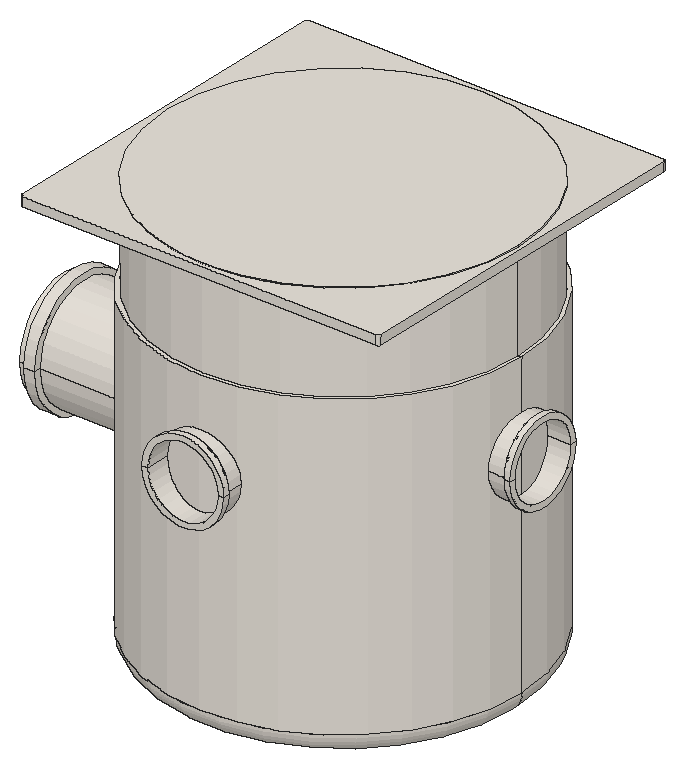
Revit family "Cx_Sif_Quadrada_3E_250x172x230x50x75", category Pipe Fittings, Revit 2025
Family settings
  Round Connector Dimension = Use Diameter
  Part Type = Multi Port
  OmniClass Number = 23.27.43.00
  Work Plane-Based = No
  Always vertical = Yes
  Cut with Voids When Loaded = No
  Shared = No
Parameters (values of type "Caixa Sif 250X172-230X50-75-Quadrada-3E")
  Ângulo do Grelha [instance] = 0.00°
  t2 [instance] = size_lookup("Caixa Sif 250X172-230X50-75 3E", "t2", 0 mm, Tank Depth Check)  # 4 mm
  t1 [instance] = size_lookup("Caixa Sif 250X172-230X50-75 3E", "t1", 0 mm, Tank Depth Check)  # 8 mm
  product_serie = "Esgoto"
  material = Amanco Esgoto Caixas e Ralos
  j1 [instance] = size_lookup("Caixa Sif 250X172-230X50-75 3E", "j1", 0 mm, Tank Depth Check)  # 6 mm
  Z3 [instance] = size_lookup("Caixa Sif 250X172-230X50-75 3E", "Z3", 0 mm, Tank Depth Check)  # 230 mm
  Z2 Variable-3 [instance] = Z2 Normal + if(and(Tipo de Caixa = [250X230X75 Redonda Grelha Branca], Diam IN 3 = 40 mm), 3 mm, 0 mm)  # 125 mm
  Z2 Variable-2 [instance] = Z2 Normal + if(and(Tipo de Caixa = [250X230X75 Redonda Grelha Branca], Diam IN 2 = 40 mm), 3 mm, 0 mm)  # 125 mm
  Z2 Normal [instance] = size_lookup("Caixa Sif 250X172-230X50-75 3E", "Z2", 0 mm, Tank Depth Check)  # 125 mm
  Z2 Variable-1 [instance] = Z2 Normal + if(and(Tipo de Caixa = [250X230X75 Redonda Grelha Branca], Diam IN 1 = 40 mm), 3 mm, 0 mm)  # 125 mm
  Z1 [instance] = size_lookup("Caixa Sif 250X172-230X50-75 3E", "Z1", 0 mm, Tank Depth Check)  # 155 mm
  Ws [instance] = size_lookup("Caixa Sif 250X172-230X50-75 3E", "Ws", 0 mm, Tank Depth Check)  # 100 mm
  Vis Prolongamento [instance] = and(Prolongamento, not(Altura do Grelha Check = P3 + 6.5 mm))  # yes
  Vis Adaptor 3 [instance] = and(Tipo de Caixa = [250X230X75 Redonda Grelha Branca], Diam IN 3 = 40 mm)  # no
  Vis Adaptor 2 [instance] = and(Tipo de Caixa = [250X230X75 Redonda Grelha Branca], Diam IN 2 = 40 mm)  # no
  Vis Adaptor 1 [instance] = and(Tipo de Caixa = [250X230X75 Redonda Grelha Branca], Diam IN 1 = 40 mm)  # no
  UniClass Version = 2015
  UniClass Title = "Unplasticized polyvinyl chloride (PVC-U) drainage pipe and fittings"
  UniClass Number = "65.52.63.87"
  URL = "https://www.wavin.com/pt-br/Catalogo/Predial/Sistemas-Sanitarios/Caixas"
  Type IFC Predefined Type = "CONNECTOR"
  Export Type to IFC As = "IfcPipeFitting"
  Default Elevation = 0 mm
  Type Comments = "Esgoto"  # constant formula
  TipodeAtivo = "Fixo"
  TempoUtil = 50
  Tank Depth Check [instance] = if(Tipo de Caixa = [250X172X50 Redonda Grelha Branca], 172 mm, if(Tipo de Caixa = [250X230X75 Redonda Grelha Branca], 230 mm, 0 mm))  # 230 mm
  Tamanho = "n/a"
  ResponsávelGarantiaTrabalho = "n/a"
  ResponsávelGarantiaPeças = "n/a"
  ReferenciadoModelo [instance] = Product Description  # "CAIXA SIF N73 QD 3 ENTR 250X230X75"
  Prolongamento [instance] = yes
  Produtor = "Amanco Wavin"
  OmniClass Version = 2012
  NumerodoModelo [instance] = Catalogue Code  # "12681"
  Norma [instance] = "NBR 8160/NBR 10844"  # constant formula
  Material = "PVC"
  Keynote = "15150"
  Grupo  Amanco [instance] = ""
  Forma = "n/a"
  DuraçaoUnidade = "Anos"
  DuraçaoGarantiaUnidade = "Anos"
  DuraçaoGarantiaTrabalho = "n/a"
  DuraçaoGarantiaPeças = "n/a"
  Do Extention [instance] = size_lookup("Amanco Caixas Extention", "Do1", 0 mm, Diam Extention) / 2  # 125 mm
  Diam IN Check [instance] = and(or(Diam IN 1 = 40 mm, Diam IN 1 = 50 mm), or(Diam IN 2 = 40 mm, Diam IN 2 = 50 mm), or(Diam IN 2 = 40 mm, Diam IN 2 = 50 mm))  # yes
  Diam IN 2 [instance] = 50 mm
  Diam IN 3 [instance] = 50 mm
  DescriçãoGarantia = "n/a"
  CriadoPela = "Wavin LATAM"
  CriadoEm = "2020-06-20"
  Cor = "Bege"
  Comprimento da Prolongamento [instance] = if(or(not(Prolongamento), Altura do Grelha < P3 + 6.5 mm + 1 mm), 0 mm, Altura do Grelha - 6.5 mm)  # 93.5 mm
  Componentes = "n/a"
  Classe = "n/a"
  Caracteristicas = "n/a"
  Altura do Grelha Check [instance] = if(or(Altura do Grelha < P3 + 6.5 mm + 1 mm, not(Prolongamento)), P3 + 6.5 mm, Altura do Grelha)  # 100 mm
  Acabamento = "n/a"
  250X230X75 Redonda Grelha Branca [instance] = Tipo de Caixa : 250X230X75 Redonda Grelha Branca
  250X172X50 Redonda Grelha Branca [instance] = Tipo de Caixa : 250X172X50 Redonda Grelha Branca
  Solids visible [instance] = yes
  SCB [instance] = 0  # constant formula
  Radius [instance] = 15 mm  # constant formula
  Product Description [instance] = if(CCB = 12681, "CAIXA SIF N73 QD 3 ENTR 250X230X75", if(CCB = 12684, "CAIXA SIF N72 QD 3 ENTR 250X172X50", "0"))  # "CAIXA SIF N73 QD 3 ENTR 250X230X75"
  Pos Out [instance] = 500 mm - (Ws - Hs)  # 462 mm
  Pid [instance] = 0
  P3 [instance] = size_lookup("Caixa Sif 250X172-230X50-75 3E", "P3", 0 mm, Tank Depth Check)  # 30 mm
  P2 [instance] = size_lookup("Caixa Sif 250X172-230X50-75 3E", "P2", 0 mm, Tank Depth Check)  # 18 mm
  P1 [instance] = size_lookup("Caixa Sif 250X172-230X50-75 3E", "P1", 0 mm, Tank Depth Check)  # 44 mm
  Model = ""
  Manufacturer = "Wavin"  # constant formula
  LOD = "LOD400"  # constant formula
  built-in parameter 1114238 [instance] = (empty or 0)
  IfcExportType = "CONNECTOR"  # constant formula
  IfcExportAs = "IfcPipeFitting"  # constant formula
  IfcDescription = Description  # "MULTIPORT"
  Hs-P3 [instance] = Hs - P3  # 32 mm
  Hs [instance] = size_lookup("Caixa Sif 250X172-230X50-75 3E", "Hs", 0 mm, Tank Depth Check)  # 62 mm
  Altura do Grelha [instance] = 100 mm
  Tipo de Caixa [instance] = Tipo de Caixa : 250X230X75 Redonda Grelha Branca
  Ds2 [instance] = size_lookup("Caixa Sif 250X172-230X50-75 3E", "Ds2", 0 mm, Tank Depth Check) / 2  # 25.35 mm
  Ds1 [instance] = size_lookup("Caixa Sif 250X172-230X50-75 3E", "Ds1", 0 mm, Tank Depth Check) / 2  # 38.35 mm
  Dr2 [instance] = size_lookup("Caixa Sif 250X172-230X50-75 3E", "Dr2", 0 mm, Tank Depth Check) / 2  # 29.35 mm
  Dr1 [instance] = size_lookup("Caixa Sif 250X172-230X50-75 3E", "Dr1", 0 mm, Tank Depth Check) / 2  # 44.2 mm
  Do3 [instance] = size_lookup("Caixa Sif 250X172-230X50-75 3E", "Do3", 0 mm, Tank Depth Check) / 2  # 128.1 mm
  Do2 [instance] = size_lookup("Caixa Sif 250X172-230X50-75 3E", "Do2", 0 mm, Tank Depth Check) / 2  # 27.15 mm
  Do1 [instance] = if(Diam IN Check, size_lookup("Caixa Sif 250X172-230X50-75 3E", "Do1", 0 mm, Tank Depth Check) / 2, 0 mm)  # 39.95 mm
  Diam OUT [instance] = if(Tipo de Caixa = [250X172X50 Redonda Grelha Branca], 50 mm, if(Tipo de Caixa = [250X230X75 Redonda Grelha Branca], 75 mm, 0 mm))  # 75 mm
  Diam IN 1 [instance] = 50 mm
  Diam Extention [instance] = 250 mm  # constant formula
  Description = "MULTIPORT"  # constant formula
  Country = "BRA"  # constant formula
  Catalogue Code 2 [instance] = "0"  # constant formula
  Catalogue Code [instance] = if(CCB = 12681, "12681", if(CCB = 12684, "12684", "0"))  # "12681"
  CCB [instance] = if(Tipo de Caixa = [250X230X75 Redonda Grelha Branca], 12681, if(Tipo de Caixa = [250X172X50 Redonda Grelha Branca], 12684, 0))  # 12681
  Assembly Code = "D2030100"
Reference planes
  plane 1 "Center (Front/Back)": y = 0
  plane 2: z = 0
  plane 3 "Center (Left/Right)": x = 0
  plane 4: z = 132
  plane 5: z = -500
  plane 6: z = -38
  plane 7: z = 32
  plane 8: z = 132
Forms (mm)
  Revolve 1, solid, material "Amanco Esgoto Caixas e Ralos" <- "material", detail levels fine
    sketch origin (0, 0, -38) x (-1, 0, 0) y (0, -1, 0)
      loop
        line (0, -39.95) -> (185, -39.95) -> (185, -44.2) -> (193, -44.2) -> (193, -39.95) -> (199, -39.95) -> (199, -38.35) -> (155, -38.35) -> (155, 0) -> (0, 0) -> (0, -39.95)
      axis (0, 0) -> (199, 0)
    angle from 0 to 360
  Revolve 2, solid, material "Amanco Esgoto Caixas e Ralos" <- "material", detail levels fine
    sketch origin (0, 125, 0) x (0, -1, 0) y (1, 0, 0)
      loop
        line (125, 0) -> (125, 27.15) -> (-11.8, 27.15) -> (-14, 29.35) -> (-18, 29.35) -> (-18, 25.35) -> (0, 25.35) -> (0, 0) -> (125, 0)
      axis (-18, 0) -> (125, 0)
    angle from 0 to 360
  Revolve 3, solid, material "Amanco Esgoto Caixas e Ralos" <- "material", detail levels fine
    sketch origin (0, 0, 0) x (1, 0, 0) y (0, 0, 1)
      loop
        line (-128.1, 62) -> (-128.1, -153)
        arc (-128.1, -153) -> (-123.707, -163.607) -> (-113.1, -168) r 15
        line (-113.1, -168) -> (0, -168) -> (0, 32) -> (-125, 32) -> (-125, 62) -> (-128.1, 62)
      axis (0, 62) -> (0, -168)
    angle from 0 to 360
  Revolve 4, solid, material "Amanco Esgoto Caixas e Ralos" <- "material", detail levels fine
    sketch origin (0, -125, 0) x (0, 1, 0) y (-1, 0, 0)
      loop
        line (125, 0) -> (125, 27.15) -> (-11.8, 27.15) -> (-14, 29.35) -> (-18, 29.35) -> (-18, 25.35) -> (0, 25.35) -> (0, 0) -> (125, 0)
      axis (-18, 0) -> (125, 0)
    angle from 0 to 360
  Revolve 5, solid, material "Amanco Esgoto Caixas e Ralos" <- "material", detail levels fine
    sketch origin (125, 0, 0) x (-1, 0, 0) y (0, -1, 0)
      loop
        line (125, 0) -> (125, 27.15) -> (-11.8, 27.15) -> (-14, 29.35) -> (-18, 29.35) -> (-18, 25.35) -> (0, 25.35) -> (0, 0) -> (125, 0)
      axis (-18, 0) -> (125, 0)
    angle from 0 to 360
Cuts and joins
  joined: Revolve 1, Revolve 2, Revolve 3, Revolve 4, Revolve 5
Lines and regions (mm)
  reference lines
    curve 1: line (0, 0, -38) -> (-155, 0, -38)
    curve 2: line (0, 125, 0) -> (0, 0, 0)
    curve 3: line (0, -125, 0) -> (0, 0, 0)
    curve 4: line (125, 0, 0) -> (0, 0, 0)
  model lines, detail levels coarse+medium
    curve 5: circle (0, 0, 0) r 120 normal (0, 0, 1)
    curve 6: line (-55.242, 106.529, 0) -> (-55.242, -106.529, 0)
    curve 7: line (-55.742, 106.268, 0) -> (-55.742, -106.268, 0)
    curve 8: line (-56.242, -106.004, 0) -> (-56.242, 106.004, 0)
    curve 9: line (-56.742, 105.737, 0) -> (-56.742, -105.737, 0)
    curve 10: line (-57.242, -105.467, 0) -> (-57.242, 105.467, 0)
    curve 11: line (-57.742, 105.195, 0) -> (-57.742, -105.195, 0)
    curve 12: line (-58.742, 104.639, 0) -> (-58.742, -104.639, 0)
    curve 13: line (-59.742, -104.072, 0) -> (-59.742, 104.072, 0)
    curve 14: line (-60.742, -103.491, 0) -> (-60.742, 103.491, 0)
    curve 15: line (-61.242, 103.196, 0) -> (-61.242, -103.196, 0)
    curve 16: line (-58.242, -104.919, 0) -> (-58.242, 104.919, 0)
    curve 17: line (-59.242, 104.357, 0) -> (-59.242, -104.357, 0)
    curve 18: line (-60.242, -103.783, 0) -> (-60.242, 103.783, 0)
    curve 19: line (-62.242, 102.596, 0) -> (-62.242, -102.596, 0)
    curve 20: line (-63.242, -101.983, 0) -> (-63.242, 101.983, 0)
    curve 21: line (-64.742, 101.037, 0) -> (-64.742, -101.037, 0)
    curve 22: line (-64.242, -101.356, 0) -> (-64.242, 101.356, 0)
    curve 23: line (-65.742, 100.389, 0) -> (-65.742, -100.389, 0)
    curve 24: line (-66.742, -99.727, 0) -> (-66.742, 99.727, 0)
    curve 25: line (-61.742, 102.898, 0) -> (-61.742, -102.898, 0)
    curve 26: line (-62.742, -102.291, 0) -> (-62.742, 102.291, 0)
    curve 27: line (-63.742, 101.671, 0) -> (-63.742, -101.671, 0)
    curve 28: line (-65.242, -100.715, 0) -> (-65.242, 100.715, 0)
    curve 29: line (-66.242, 100.06, 0) -> (-66.242, -100.06, 0)
    curve 30: line (-67.242, -99.391, 0) -> (-67.242, 99.391, 0)
    curve 31: line (-68.242, 98.707, 0) -> (-68.242, -98.707, 0)
    curve 32: line (-68.742, 98.359, 0) -> (-68.742, -98.359, 0)
    curve 33: line (-69.242, -98.008, 0) -> (-69.242, 98.008, 0)
    curve 34: line (-69.742, 97.653, 0) -> (-69.742, -97.653, 0)
    curve 35: line (-70.742, -96.931, 0) -> (-70.742, 96.931, 0)
    curve 36: line (-71.742, 96.193, 0) -> (-71.742, -96.193, 0)
    curve 37: line (-67.742, -99.051, 0) -> (-67.742, 99.051, 0)
    curve 38: line (-68.742, 98.359, 0) -> (-68.742, -87.512, 0)
    curve 39: line (-71.242, -96.564, 0) -> (-71.242, 96.564, 0)
    curve 40: line (-70.242, 97.294, 0) -> (-70.242, -97.294, 0)
    curve 41: line (-67.242, -99.391, 0) -> (-67.242, 99.391, 0)
    curve 42: line (-72.742, 95.439, 0) -> (-72.742, -95.439, 0)
    curve 43: line (-73.242, -95.056, 0) -> (-73.242, 95.056, 0)
    curve 44: line (-73.742, 94.669, 0) -> (-73.742, -94.669, 0)
    curve 45: line (-74.242, 94.277, 0) -> (-74.242, -94.277, 0)
    curve 46: line (-74.742, -93.881, 0) -> (-74.742, 93.881, 0)
    curve 47: line (-75.242, 93.481, 0) -> (-75.242, -93.481, 0)
    curve 48: line (-72.242, 95.818, 0) -> (-72.242, -95.818, 0)
    curve 49: line (-76.742, 92.253, 0) -> (-76.742, -92.253, 0)
    curve 50: line (-77.242, -91.835, 0) -> (-77.242, 91.835, 0)
    curve 51: line (-77.742, 91.412, 0) -> (-77.742, -91.412, 0)
    curve 52: line (-78.242, -90.985, 0) -> (-78.242, 90.985, 0)
    curve 53: line (-79.742, -89.673, 0) -> (-79.742, 89.673, 0)
    curve 54: line (-76.242, 92.667, 0) -> (-76.242, -92.667, 0)
    curve 55: line (-75.742, -93.076, 0) -> (-75.742, 93.076, 0)
    curve 56: line (-78.742, 90.552, 0) -> (-78.742, -87.036, 0)
    curve 57: line (-78.742, -90.552, 0) -> (-78.742, 90.552, 0)
    curve 58: line (-79.242, 90.115, 0) -> (-79.242, -90.115, 0)
    curve 59: line (-80.242, 89.226, 0) -> (-80.242, -89.226, 0)
    curve 60: line (-80.742, -88.774, 0) -> (-80.742, 88.774, 0)
    curve 61: line (-81.242, 88.316, 0) -> (-81.242, -88.316, 0)
    curve 62: line (-81.742, -87.854, 0) -> (-81.742, 87.854, 0)
    curve 63: line (-82.242, 87.386, 0) -> (-82.242, -87.386, 0)
    curve 64: line (-82.742, -86.913, 0) -> (-82.742, 86.913, 0)
    curve 65: line (-83.242, 86.434, 0) -> (-83.242, -86.434, 0)
    curve 66: line (-83.742, -85.949, 0) -> (-83.742, 85.949, 0)
    curve 67: line (-85.264, 84.44, 0) -> (-85.264, -84.44, 0)
    curve 68: line (-85.764, -83.932, 0) -> (-85.764, 83.932, 0)
    curve 69: line (-86.264, 83.418, 0) -> (-86.264, -83.418, 0)
    curve 70: line (-86.764, -82.898, 0) -> (-86.764, 82.898, 0)
    curve 71: line (-88.264, -81.299, 0) -> (-88.264, 81.299, 0)
    curve 72: line (-84.764, 84.942, 0) -> (-84.764, -84.942, 0)
    curve 73: line (-84.264, -85.466, 0) -> (-84.264, 85.438, 0)
    curve 74: line (-87.264, 82.371, 0) -> (-87.264, -79.426, 0)
    curve 75: line (-87.264, -82.371, 0) -> (-87.264, 82.371, 0)
    curve 76: line (-87.764, 81.838, 0) -> (-87.764, -81.838, 0)
    curve 77: line (-88.764, 80.753, 0) -> (-88.764, -80.753, 0)
    curve 78: line (-89.264, -80.2, 0) -> (-89.264, 80.2, 0)
    curve 79: line (-89.764, 79.64, 0) -> (-89.764, -79.64, 0)
    curve 80: line (-90.264, -79.072, 0) -> (-90.264, 79.072, 0)
    curve 81: line (-90.764, 78.498, 0) -> (-90.764, -78.498, 0)
    curve 82: line (-91.264, -77.916, 0) -> (-91.264, 77.916, 0)
    curve 83: line (-91.764, 77.327, 0) -> (-91.764, -77.327, 0)
    curve 84: line (-92.264, -76.729, 0) -> (-92.264, 76.729, 0)
    curve 85: line (-93.824, -74.814, 0) -> (-93.824, 74.814, 0)
    curve 86: line (-92.824, 76.051, 0) -> (-92.824, -73.097, 0)
    curve 87: line (-92.824, -76.042, 0) -> (-92.824, 76.051, 0)
    curve 88: line (-93.324, 75.376, 0) -> (-93.324, -75.509, 0)
    curve 89: line (-94.324, 74.182, 0) -> (-94.324, -74.182, 0)
    curve 90: line (-94.824, -73.542, 0) -> (-94.824, 73.416, 0)
    curve 91: line (-95.324, 72.893, 0) -> (-95.324, -72.893, 0)
    curve 92: line (-95.824, -72.234, 0) -> (-95.824, 72.234, 0)
    curve 93: line (-96.324, 71.566, 0) -> (-96.324, -71.566, 0)
    curve 94: line (-96.824, -70.888, 0) -> (-96.824, 70.888, 0)
    curve 95: line (-97.324, 70.2, 0) -> (-97.324, -70.2, 0)
    curve 96: line (-97.824, -69.502, 0) -> (-97.824, 69.502, 0)
    curve 97: line (-98.324, 68.792, 0) -> (-98.324, -68.792, 0)
    curve 98: line (-98.824, -68.072, 0) -> (-98.824, 68.072, 0)
    curve 99: line (-99.324, 67.341, 0) -> (-99.324, -67.341, 0)
    curve 100: line (-115.166, -33.717, 0) -> (-115.166, 33.717, 0)
    curve 101: line (-100.324, -65.41, 0) -> (-100.324, 65.842, 0)
    curve 102: line (-99.824, 66.597, 0) -> (-99.824, -66.141, 0)
    curve 103: line (-100.924, 64.918, 0) -> (-100.924, -64.635, 0)
    curve 104: line (-101.606, -63.846, 0) -> (-101.606, 63.846, 0)
    curve 105: line (-102.106, 63.043, 0) -> (-102.106, -63.043, 0)
    curve 106: line (-102.606, -62.226, 0) -> (-102.606, 62.226, 0)
    curve 107: line (-103.106, 61.394, 0) -> (-103.106, -61.394, 0)
    curve 108: line (-103.606, -60.546, 0) -> (-103.606, 60.546, 0)
    curve 109: line (-104.106, 59.682, 0) -> (-104.106, -59.682, 0)
    curve 110: line (-104.606, -58.802, 0) -> (-104.606, 58.802, 0)
    curve 111: line (-106.166, -55.936, 0) -> (-106.166, 55.936, 0)
    curve 112: line (-105.166, 57.794, 0) -> (-105.166, -57.4, 0)
    curve 113: line (-105.166, -57.794, 0) -> (-105.166, 57.794, 0)
    curve 114: line (-105.666, 56.875, 0) -> (-105.666, -56.875, 0)
    curve 115: line (-106.666, 54.976, 0) -> (-106.666, -54.976, 0)
    curve 116: line (-107.166, -53.995, 0) -> (-107.166, 53.995, 0)
    curve 117: line (-107.666, 53.044, 0) -> (-107.666, -52.991, 0)
    curve 118: line (-108.166, -51.963, 0) -> (-108.166, 51.963, 0)
    curve 119: line (-108.666, 50.909, 0) -> (-108.666, -50.909, 0)
    curve 120: line (-109.166, -49.828, 0) -> (-109.166, 49.828, 0)
    curve 121: line (-109.666, 48.781, 0) -> (-109.666, -48.718, 0)
    curve 122: line (-110.166, -47.576, 0) -> (-110.166, 47.576, 0)
    curve 123: line (-110.666, 46.401, 0) -> (-110.666, -46.401, 0)
    curve 124: line (-111.166, -45.19, 0) -> (-111.166, 45.19, 0)
    curve 125: line (-111.666, 43.94, 0) -> (-111.666, -43.94, 0)
    curve 126: line (-117.566, 24.047, 0) -> (-117.566, -24.047, 0)
    curve 127: line (-116.966, -26.814, 0) -> (-116.966, 26.814, 0)
    curve 128: line (-116.366, 29.309, 0) -> (-116.366, -29.309, 0)
    curve 129: line (-115.766, -31.595, 0) -> (-115.766, 31.595, 0)
    curve 130: line (-112.766, 41.035, 0) -> (-112.766, -41.035, 0)
    curve 131: line (-114.566, -35.703, 0) -> (-114.566, 35.703, 0)
    curve 132: line (-113.966, 37.574, 0) -> (-113.966, -37.574, 0)
    curve 133: line (-112.166, -42.648, 0) -> (-112.166, 42.648, 0)
    curve 134: line (-113.366, 39.347, 0) -> (-113.366, -39.347, 0)
  model lines
    curve 135: line (-118.364, 19.75, 0) -> (-118.364, -19.75, 0)
    curve 136: line (-119.269, -13.221, 0) -> (-119.269, 13.221, 0)
Text (mm)
  text "®  Wavin" at (-0.074, 40.744, 0), in view "Ref. Level"
Dimensions and locks
  level to plane 5 = 500 mm
  "Pos Out": plane 6 to plane 5
  "Z1": curve 1 to curve 1
  "Ds1": plane 1 "Center (Front/Back)" to Revolve 1 sketch curve
  "Do1": plane 1 "Center (Front/Back)" to Revolve 1 sketch curve
  "Dr1": plane 1 "Center (Front/Back)" to Revolve 1 sketch curve
  "j1": Revolve 1 sketch curve to Revolve 1 sketch curve
  "t1": Revolve 1 sketch curve to Revolve 1 sketch curve
  "P1": Revolve 1 sketch curve to Revolve 1 sketch curve
  "Z2 Variable-1": curve 2 to curve 2
  "Ds2": curve 2 to Revolve 2 sketch curve
  "t2": Revolve 2 sketch curve to Revolve 2 sketch curve
  "Do2": curve 2 to Revolve 2 sketch curve
  "Dr2": curve 2 to Revolve 2 sketch curve
  "Hs-P3": plane 7 to level
  "P2": Revolve 2 sketch curve to Revolve 2 sketch curve
  "Z2 Normal": Revolve 2 sketch curve to Revolve 2 sketch curve
  "Ds2": curve 3 to Revolve 4 sketch curve
  "t2": Revolve 4 sketch curve to Revolve 4 sketch curve
  "Do2": curve 3 to Revolve 4 sketch curve
  "Dr2": curve 3 to Revolve 4 sketch curve
  "P2": Revolve 4 sketch curve to Revolve 4 sketch curve
  "Z2 Normal": Revolve 4 sketch curve to Revolve 4 sketch curve
  "Ds2": curve 4 to Revolve 5 sketch curve
  "t2": Revolve 5 sketch curve to Revolve 5 sketch curve
  "Do2": curve 4 to Revolve 5 sketch curve
  "Dr2": curve 4 to Revolve 5 sketch curve
  "P2": Revolve 5 sketch curve to Revolve 5 sketch curve
  "Z2 Normal": Revolve 5 sketch curve to Revolve 5 sketch curve
  "Z2 Variable-2": plane 3 "Center (Left/Right)" to curve 4
  "Z2 Variable-3": curve 3 to plane 1 "Center (Front/Back)"
  "Altura do Grelha": plane 4 to plane 7
  "Altura do Grelha Check": plane 8 to plane 7
  "Do Extention": plane 3 "Center (Left/Right)" to Revolve 3 sketch curve
  "Do3": plane 3 "Center (Left/Right)" to Revolve 3 sketch curve
  Revolve 3 sketch curve to plane 6 = 100 mm
  "Hs-P3": Revolve 3 sketch curve to level
  "Hs": Revolve 3 sketch curve to level
  "Tank Depth Check": Revolve 3 sketch curve to Revolve 3 sketch curve
  locked: nested 2 to plane 3 "Center (Left/Right)"
  locked: nested 2 to plane 1 "Center (Front/Back)"
  "Radius": radius of Revolve 3 sketch curve
  locked: Revolve 2 sketch curve to Revolve 2 sketch curve (angle 45.00°)
  locked: Revolve 4 sketch curve to Revolve 4 sketch curve (angle 45.00°)
  locked: Revolve 5 sketch curve to Revolve 5 sketch curve (angle 45.00°)
  "Ângulo do Grelha": angle plane 1 "Center (Front/Back)" to nested 2
  aligned and locked: level to plane 2
  aligned and locked: plane 3 "Center (Left/Right)" to curve 1
  aligned and locked: curve 1 to plane 1 "Center (Front/Back)"
  aligned and locked: Revolve 1 sketch curve to curve 1  (x2)
  aligned and locked: Revolve 1 sketch curve to Revolve 1 sketch curve
  aligned and locked: Revolve 1 sketch curve to plane 1 "Center (Front/Back)"
  aligned and locked: Revolve 2 sketch curve to curve 2  (x3)
  aligned and locked: plane 3 "Center (Left/Right)" to Revolve 3 sketch curve
  aligned and locked: plane 3 "Center (Left/Right)" to nested 1
  aligned and locked: plane 1 "Center (Front/Back)" to nested 1
  aligned and locked: plane 7 to nested 1
  aligned and locked: nested 3 to curve 2
  aligned and locked: nested 3 to Revolve 2
  aligned and locked: Revolve 4 sketch curve to curve 3  (x3)
  aligned and locked: curve 3 to nested 4
  aligned and locked: Revolve 4 to nested 4
  aligned and locked: Revolve 5 sketch curve to curve 4  (x3)
  aligned and locked: curve 4 to nested 5
  aligned and locked: Revolve 5 to nested 5
  aligned and locked: plane 3 "Center (Left/Right)" to curve 4
  aligned and locked: plane 1 "Center (Front/Back)" to curve 3
  aligned and locked: plane 8 to nested 2
  aligned and locked: Revolve 3 sketch curve to plane 3 "Center (Left/Right)"
  aligned and locked: nested 6 to plane 1 "Center (Front/Back)"
  aligned and locked: nested 6 to plane 3 "Center (Left/Right)"
  aligned and locked: level to nested 6
Automatic sketch dimensions
  plane 1 "Center (Front/Back)" to curve 5 = 0 mm
  curve 5 to plane 3 "Center (Left/Right)" = 0 mm
  curve 112 to curve 86 = 12.342 mm
  curve 112 to plane 1 "Center (Front/Back)" = 57.794 mm
  curve 112 to curve 87 = 18.257 mm
  curve 87 to curve 6 = 37.582 mm
  curve 7 to curve 6 = 0.5 mm
  curve 8 to curve 7 = 0.5 mm
  curve 9 to curve 8 = 0.5 mm
  curve 10 to curve 9 = 0.5 mm
  curve 11 to curve 10 = 0.5 mm
  curve 16 to curve 11 = 0.5 mm
  curve 12 to curve 16 = 0.5 mm
  curve 17 to curve 12 = 0.5 mm
  curve 13 to curve 17 = 0.5 mm
  curve 18 to curve 13 = 0.5 mm
  curve 14 to curve 18 = 0.5 mm
  curve 15 to curve 14 = 0.5 mm
  curve 25 to curve 15 = 0.5 mm
  curve 19 to curve 25 = 0.5 mm
  curve 26 to curve 19 = 0.5 mm
  curve 20 to curve 26 = 0.5 mm
  curve 27 to curve 20 = 0.5 mm
  curve 22 to curve 27 = 0.5 mm
  curve 21 to curve 22 = 0.5 mm
  curve 28 to curve 21 = 0.5 mm
  curve 23 to curve 28 = 0.5 mm
  curve 29 to curve 23 = 0.5 mm
  curve 24 to curve 29 = 0.5 mm
  curve 41 to curve 24 = 0.5 mm
  curve 30 to curve 41 = 0 mm
  curve 37 to curve 30 = 0.5 mm
  curve 31 to curve 37 = 0.5 mm
  curve 32 to curve 31 = 0.5 mm
  curve 38 to curve 32 = 0 mm
  curve 33 to curve 32 = 0.5 mm
  curve 34 to curve 33 = 0.5 mm
  curve 40 to curve 34 = 0.5 mm
  curve 35 to curve 40 = 0.5 mm
  curve 39 to curve 35 = 0.5 mm
  curve 36 to curve 39 = 0.5 mm
  curve 48 to curve 36 = 0.5 mm
  curve 42 to curve 48 = 0.5 mm
  curve 43 to curve 42 = 0.5 mm
  curve 44 to curve 43 = 0.5 mm
  curve 45 to curve 44 = 0.5 mm
  curve 46 to curve 45 = 0.5 mm
  curve 47 to curve 46 = 0.5 mm
  curve 55 to curve 47 = 0.5 mm
  curve 54 to curve 55 = 0.5 mm
  curve 49 to curve 54 = 0.5 mm
  curve 50 to curve 49 = 0.5 mm
  curve 51 to curve 50 = 0.5 mm
  curve 52 to curve 51 = 0.5 mm
  curve 57 to curve 52 = 0.5 mm
  curve 56 to curve 57 = 0 mm
  curve 58 to curve 57 = 0.5 mm
  curve 53 to curve 58 = 0.5 mm
  curve 59 to curve 53 = 0.5 mm
  curve 60 to curve 59 = 0.5 mm
  curve 61 to curve 60 = 0.5 mm
  curve 62 to curve 61 = 0.5 mm
  curve 63 to curve 62 = 0.5 mm
  curve 64 to curve 63 = 0.5 mm
  curve 65 to curve 64 = 0.5 mm
  curve 66 to curve 65 = 0.5 mm
  curve 73 to curve 66 = 0.522 mm
  curve 72 to curve 73 = 0.5 mm
  curve 67 to curve 72 = 0.5 mm
  curve 68 to curve 67 = 0.5 mm
  curve 69 to curve 68 = 0.5 mm
  curve 70 to curve 69 = 0.5 mm
  curve 74 to curve 70 = 0.5 mm
  curve 75 to curve 70 = 0.5 mm
  curve 76 to curve 74 = 0.5 mm
  curve 71 to curve 76 = 0.5 mm
  curve 77 to curve 71 = 0.5 mm
  curve 78 to curve 77 = 0.5 mm
  curve 79 to curve 78 = 0.5 mm
  curve 80 to curve 79 = 0.5 mm
  curve 81 to curve 80 = 0.5 mm
  curve 82 to curve 81 = 0.5 mm
  curve 83 to curve 82 = 0.5 mm
  curve 84 to curve 83 = 0.5 mm
  curve 88 to curve 87 = 0.5 mm
  curve 85 to curve 88 = 0.5 mm
  curve 89 to curve 85 = 0.5 mm
  curve 90 to curve 89 = 0.5 mm
  curve 91 to curve 90 = 0.5 mm
  curve 92 to curve 91 = 0.5 mm
  curve 93 to curve 92 = 0.5 mm
  curve 94 to curve 93 = 0.5 mm
  curve 95 to curve 94 = 0.5 mm
  curve 96 to curve 95 = 0.5 mm
  curve 97 to curve 96 = 0.5 mm
  curve 98 to curve 97 = 0.5 mm
  curve 99 to curve 98 = 0.5 mm
  curve 102 to curve 99 = 0.5 mm
  curve 101 to curve 102 = 0.5 mm
  curve 103 to curve 101 = 0.6 mm
  curve 104 to curve 103 = 0.682 mm
  curve 105 to curve 104 = 0.5 mm
  curve 106 to curve 105 = 0.5 mm
  curve 107 to curve 106 = 0.5 mm
  curve 108 to curve 107 = 0.5 mm
  curve 109 to curve 108 = 0.5 mm
  curve 110 to curve 109 = 0.5 mm
  curve 114 to curve 112 = 0.5 mm
  curve 111 to curve 114 = 0.5 mm
  curve 115 to curve 111 = 0.5 mm
  curve 116 to curve 115 = 0.5 mm
  curve 117 to curve 116 = 0.5 mm
  curve 118 to curve 117 = 0.5 mm
  curve 119 to curve 118 = 0.5 mm
  curve 120 to curve 119 = 0.5 mm
  curve 121 to curve 120 = 0.5 mm
  curve 122 to curve 121 = 0.5 mm
  curve 123 to curve 122 = 0.5 mm
  curve 124 to curve 123 = 0.5 mm
  curve 125 to curve 124 = 0.5 mm
  curve 133 to curve 125 = 0.5 mm
  curve 130 to curve 133 = 0.6 mm
  curve 134 to curve 130 = 0.6 mm
  curve 132 to curve 134 = 0.6 mm
  curve 131 to curve 132 = 0.6 mm
  curve 100 to curve 131 = 0.6 mm
  curve 129 to curve 100 = 0.6 mm
  curve 128 to curve 129 = 0.6 mm
  curve 127 to curve 128 = 0.6 mm
  curve 126 to curve 127 = 0.6 mm
  curve 135 to curve 126 = 0.798 mm
  curve 136 to curve 135 = 0.906 mm
  plane 1 "Center (Front/Back)" to curve 136 = 13.221 mm
  curve 135 to curve 136 = 6.529 mm
  curve 113 to curve 112 = 0.394 mm
  curve 103 to curve 104 = 0.789 mm
  curve 101 to curve 103 = 0.776 mm
  curve 102 to curve 101 = 0.731 mm
  curve 89 to curve 86 = 1.085 mm
  curve 88 to curve 85 = 0.696 mm
  curve 87 to curve 88 = 0.533 mm
  curve 77 to curve 74 = 1.326 mm
  curve 66 to curve 73 = 0.483 mm
  curve 60 to curve 56 = 1.737 mm
  curve 45 to curve 38 = 6.765 mm
  curve 121 to curve 120 = 1.047 mm
  curve 117 to curve 116 = 0.952 mm
  curve 91 to curve 90 = 0.523 mm
  curve 85 to curve 88 = 0.563 mm
  plane 1 "Center (Front/Back)" to curve 2 = 0 mm
  curve 2 to plane 3 "Center (Left/Right)" = 0 mm
  curve 3 to plane 3 "Center (Left/Right)" = 0 mm
  plane 1 "Center (Front/Back)" to curve 4 = 0 mm
  Revolve 1 sketch curve to curve 1 = 0 mm
  Revolve 1 sketch curve to curve 1 = 2000 mm
  Revolve 1 sketch curve to Revolve 1 sketch curve = 1895.8 mm
  Revolve 2 sketch curve to curve 2 = 0 mm
  Revolve 2 sketch curve to curve 2 = 2 mm
  plane 5 to Revolve 3 sketch curve = 133.955 mm
  plane 4 to Revolve 3 sketch curve = 2082.315 mm
  Revolve 4 sketch curve to curve 3 = 0 mm
  Revolve 4 sketch curve to Revolve 4 sketch curve = 2 mm
  Revolve 5 sketch curve to curve 4 = 0 mm
  Revolve 5 sketch curve to curve 4 = 2 mm
Nested families
  nested 1: "AmancoWavin_ConexõesdeTubos_EsgotoZNãoUsarEsgotoCaixaSifProlongamento" at (0, 0, 32) x (0, 0, 1) z (0, -1, 0), visible <- "Vis Prolongamento", Solids visible <- "Vis Prolongamento", Grupo  Amanco <- "Grupo  Amanco", Length 1 <- "Comprimento da Prolongamento", Diameter N <- "Diam Extention", type "Var."
    with Solids visible yes, ReferenciadoModelo "TUBO SERIE LEVE DN250X6M", Product Description "TUBO SERIE LEVE DN250X6M", Pid 0, NumerodoModelo "11457", Norma "NBR 8160/NBR 10844", Length Check 93.5 mm, Length 1 93.5 mm, Length 93.5 mm, built-in parameter 1114238 (empty or 0), Grupo  Amanco "", Ds1 244 mm, Do1 250 mm, Diameter N 250 mm, Diameter "250 mm", Catalogue Code 2 "0", Catalogue Code "11457", CCB 11457
  nested 2: "Z_Amanco Esgoto Caixa Sif DN 250  SQ GRID(Nested)" at (0, 0, 132), type "Var."
    with W 256.6 mm, Vis Round Plastic yes, Solids visible yes, Radius 2 mm, Product Description "0", Pid 0, Ls 6.5 mm, built-in parameter 1114238 (empty or 0), Grid Size 250.6 mm, Catalogue Code 2 "0", Catalogue Code "0"
  nested 3: "AmancoWavin_ConexõesdeTubos_EsgotoZNãoUsarReduçãoCaixas50X40" at (0, 196.403, 0) x (0, 1, 0) z (0, 0, 1), visible <- "Vis Adaptor 1", Solids Visible <- "Vis Adaptor 1", type "var."
    with t2 3 mm, Z1 2 mm, Solids Visible no, SCB 0, Q1 17 mm, Product Description "0", Pid 0, P2 18 mm, built-in parameter 1114238 (empty or 0), Ds2 20 mm, Ds1 18.75 mm, Do2 27.25 mm, Do1 25.35 mm, Catalogue Code 2 "0", Catalogue Code "0", CCB 0
  nested 4: "AmancoWavin_ConexõesdeTubos_EsgotoZNãoUsarReduçãoCaixas50X40" at (0, -196.403, 0) x (0, -1, 0) z (0, 0, 1), Solids Visible <- "Vis Adaptor 3", visible <- "Vis Adaptor 3", type "var."
    with t2 3 mm, Z1 2 mm, Solids Visible no, SCB 0, Q1 17 mm, Product Description "0", Pid 0, P2 18 mm, built-in parameter 1114238 (empty or 0), Ds2 20 mm, Ds1 18.75 mm, Do2 27.25 mm, Do1 25.35 mm, Catalogue Code 2 "0", Catalogue Code "0", CCB 0
  nested 5: "AmancoWavin_ConexõesdeTubos_EsgotoZNãoUsarReduçãoCaixas50X40" at (196.403, 0, 0), visible <- "Vis Adaptor 2", Solids Visible <- "Vis Adaptor 2", type "var."
    with t2 3 mm, Z1 2 mm, Solids Visible no, SCB 0, Q1 17 mm, Product Description "0", Pid 0, P2 18 mm, built-in parameter 1114238 (empty or 0), Ds2 20 mm, Ds1 18.75 mm, Do2 27.25 mm, Do1 25.35 mm, Catalogue Code 2 "0", Catalogue Code "0", CCB 0
  nested 6: "AmancoWavin_ConexõesdeTubos_EsgotoZNãoUsarAneldeVedação" at (70.496, 0, 0), Conexão 1 <- "Diam OUT", Grupo  Amanco <- "Grupo  Amanco", type "Var."
    with Visiility Normal no, Visibility But yes, Solids Visible yes, SCB 0, ReferenciadoModelo "ANEL ORING ESG SBR DN75 DUR40", Product Description "ANEL ORING ESG SBR DN75 DUR40", Pid 0, PSQ (Programa Setorial da Qualidade) "0", NumerodoModelo "90113", Norma Técnica "0", Norma "NBR 5688/NBR 8160", built-in parameter 1114238 (empty or 0), NCM "0", Line 1, Index 90113, Grupo  Amanco "", GTIN/EAN "0", GS1 Digital Link "0", GPC (Global Product Classification) 0, Conexão 1 75 mm, Catalogue Code 2 "90113", Catalogue Code "90113", CCB 90113
Connectors
  piping at (-155, 0, -38), diameter 75, driven by "Diam OUT"
    settings: on curve 1, index 4, connector inside diameter 609.6 mm, connector length 0 mm, flow factor 0, pipe flow 0.0 L/s, pressure drop 0.0 Pa, fitting loss kfactor 0, connector angle 0.00°, fixture units 0, engagement length 0 mm, angle of deflection 0.00°, flow configuration 0, flow direction 0, fitting loss method 0, system type 29, joint type 0, gender type 0, connector reference index -1, connector utility 0, adjustable connector yes, is connector primary yes, connector description ""
  piping at (0, 125, 0), diameter 50, driven by "Diam IN 1"
    settings: on curve 2, index 5, connector inside diameter 609.6 mm, connector length 0 mm, flow factor 0, pipe flow 0.0 L/s, pressure drop 0.0 Pa, fitting loss kfactor 0, connector angle 0.00°, fixture units 0, engagement length 0 mm, angle of deflection 0.00°, flow configuration 0, flow direction 0, fitting loss method 0, system type 29, joint type 0, gender type 0, connector reference index -1, connector utility 0, adjustable connector yes, is connector primary no, connector description ""
  piping at (125, 0, 0), diameter 50, driven by "Diam IN 2"
    settings: on curve 4, index 6, connector inside diameter 609.6 mm, connector length 0 mm, flow factor 0, pipe flow 0.0 L/s, pressure drop 0.0 Pa, fitting loss kfactor 0, connector angle 0.00°, fixture units 0, engagement length 0 mm, angle of deflection 0.00°, flow configuration 0, flow direction 0, fitting loss method 0, system type 29, joint type 0, gender type 0, connector reference index -1, connector utility 0, adjustable connector yes, is connector primary no, connector description ""
  piping at (0, -125, 0), diameter 50, driven by "Diam IN 3"
    settings: on curve 3, index 7, connector inside diameter 609.6 mm, connector length 0 mm, flow factor 0, pipe flow 0.0 L/s, pressure drop 0.0 Pa, fitting loss kfactor 0, connector angle 0.00°, fixture units 0, engagement length 0 mm, angle of deflection 0.00°, flow configuration 0, flow direction 0, fitting loss method 0, system type 29, joint type 0, gender type 0, connector reference index -1, connector utility 0, adjustable connector yes, is connector primary no, connector description ""
Definition of nested family "AmancoWavin_ConexõesdeTubos_EsgotoZNãoUsarEsgotoCaixaSifProlongamento"
  Parameters (values of type "Var.")
    product_serie = "Esgoto"
    material = none
    UniClass Version = 2015
    UniClass Title = "Unplasticized polyvinyl chloride (PVC-U) drainage pipe and fittings"
    UniClass Number = "65.52.63.87"
    URL = "https://www.wavin.com/pt-br/cat%C3%A1logo/predial/sistema-sanitario#!"
    Type IFC Predefined Type = "CONNECTOR"
    Export Type to IFC As = "IfcPipeFitting"
    Type Comments = "Esgoto"  # constant formula
    TipodeAtivo = "Fixo"
    TempoUtil = 50
    Tamanho = "n/a"
    Solids visible [instance] = yes
    ResponsávelGarantiaTrabalho = "n/a"
    ResponsávelGarantiaPeças = "n/a"
    ReferenciadoModelo [instance] = Product Description  # "TUBO ESG SN DN200X6M"
    Produtor = "Amanco Wavin"
    OmniClass Version = 2012
    NumerodoModelo [instance] = Catalogue Code  # "16603"
    Norma [instance] = "NBR 8160/NBR 10844"  # constant formula
    Material = "PVC"
    Length 1 [instance] = 150 mm
    Length [instance] = Length 1  # 150 mm
    Keynote = "15150"
    Grupo  Amanco [instance] = ""
    Forma = "n/a"
    DuraçaoUnidade = "Anos"
    DuraçaoGarantiaUnidade = "Anos"
    DuraçaoGarantiaTrabalho = "n/a"
    DuraçaoGarantiaPeças = "n/a"
    Do1 [instance] = size_lookup("Amanco Caixas Extention", "Do1", 0 mm, Diameter N)  # 200 mm
    Product Description [instance] = if(CCB = 10472, "TUBO ESG SN DN100X6M", if(CCB = 90000, "PROLONGADOR DN150X150MM", if(CCB = 90001, "PROLONGADOR DN150X200MM", if(CCB = 10473, "TUBO ESG SN DN150X6M", if(CCB = 90030, "PROLONGADOR DN250X200MM", if(CCB = 11457, "TUBO SERIE LEVE DN250X6M", if(CCB = 91346, "PROLONGADOR DN300 X 420MM", if(CCB = 11458, "TUBO SERIE LEVE DN300X6M", if(CCB = 16603, "TUBO ESG SN DN200X6M", "0")))))))))  # "TUBO ESG SN DN200X6M"
    Pid [instance] = 0
    Model = ""
    Manufacturer = "Wavin"  # constant formula
    LOD = "LOD400"  # constant formula
    built-in parameter 1114238 [instance] = (empty or 0)
    IfcExportType = "CONNECTOR"  # constant formula
    IfcExportAs = "IfcPipeFitting"  # constant formula
    IfcDescription = Description  # "Prolongamento"
    Ds1 [instance] = size_lookup("Amanco Caixas Extention", "Ds1", 0 mm, Diameter N)  # 192.8 mm
    Length Check [instance] = if(Length 1 = 0 mm, 100 mm, Length 1)  # 150 mm
    Diameter [instance] = if(Diameter N = 100 mm, "100 mm", if(Diameter N = 150 mm, "150 mm", if(Diameter N = 200 mm, "200 mm", if(Diameter N = 250 mm, "250 mm", if(Diameter N = 300 mm, "300 mm", "0")))))  # "200 mm"
    DescriçãoGarantia = "n/a"
    Description = "Prolongamento"  # constant formula
    Default Elevation = 1219.2 mm
    CriadoPela = "Wavin LATAM"
    CriadoEm = "2020-06-19"
    Country = "BRA"  # constant formula
    Diameter N [instance] = 200 mm
    Cor = "Bege"
    Componentes = "n/a"
    Classe = "n/a"
    Catalogue Code 2 [instance] = "0"  # constant formula
    Catalogue Code [instance] = if(CCB = 10472, "10472", if(CCB = 90000, "90000", if(CCB = 90001, "90001", if(CCB = 10473, "10473", if(CCB = 90030, "90030", if(CCB = 11457, "11457", if(CCB = 91346, "91346", if(CCB = 11458, "11458", if(CCB = 16603, "16603", "0")))))))))  # "16603"
    Caracteristicas = "n/a"
    CCB [instance] = if(Diameter N = 200 mm, 16603, if(Diameter N = 100 mm, 10472, if(Diameter N = 150 mm, if(Length Check = 150 mm, 90000, if(Length Check = 200 mm, 90001, 10473)), if(Diameter N = 250 mm, if(Length Check = 200 mm, 90030, 11457), if(Diameter N = 300 mm, if(Length Check = 420 mm, 91346, 11458), 0)))))  # 16603
    Assembly Code = "D2030100"
    Acabamento = "n/a"
  Reference planes
    plane 1 "Center (Front/Back)": y = 0
    plane 2: z = 0
    plane 3 "Center (Left/Right)": x = 0
    plane 4: x = 150
  Forms (mm)
    Extrusion 1, solid, material <- "material", visible <- "Solids visible", detail levels fine
      sketch origin (0, 0, 0) x (0, 1, 0) y (0, 0, 1)
        loop
          circle (0, 0) r 100
        loop
          circle (0, 0) r 96.4
      from 0 to 150
  Text (mm)
    text "®  Wavin" at (-0.074, 40.744, 0), in view "Ref. Level"
  Dimensions and locks
    "Length Check": plane 3 "Center (Left/Right)" to plane 4
    "Do1": diameter of Extrusion 1 sketch curve
    "Ds1": diameter of Extrusion 1 sketch curve
    aligned and locked: level to plane 2
    aligned and locked: Extrusion 1 to plane 3 "Center (Left/Right)"
    aligned and locked: level to Extrusion 1 sketch curve  (x2)
    aligned and locked: plane 1 "Center (Front/Back)" to Extrusion 1 sketch curve  (x2)
    aligned and locked: plane 4 to Extrusion 1
Definition of nested family "Z_Amanco Esgoto Caixa Sif DN 250  SQ GRID(Nested)"
  Parameters (values of type "Var.")
    product_serie = "Esgoto"
    material 2 = none
    material = none
    Vis Round Plastic [instance] = 1 = 1  # yes
    URL = "https://www.wavin.com/pt-br/Catalogo/Predial/Sistemas-Sanitarios/Caixas"
    Type IFC Predefined Type = "CONNECTOR"
    Export Type to IFC As = "IfcPipeFitting"
    Type Comments = "Esgoto"  # constant formula
    Solids visible [instance] = yes
    Radius [instance] = 2 mm  # constant formula
    Product Description [instance] = "0"  # constant formula
    Pid [instance] = 0
    Model = ""
    Manufacturer = "Wavin"  # constant formula
    LOD = "LOD400"  # constant formula
    built-in parameter 1114238 [instance] = (empty or 0)
    IfcExportType = "CONNECTOR"  # constant formula
    IfcExportAs = "IfcPipeFitting"  # constant formula
    IfcDescription = Description  # "CHAMBER"
    W [instance] = 256.6 mm  # constant formula
    Ls [instance] = 6.5 mm  # constant formula
    Grid Size [instance] = W - 6 mm  # 250.6 mm
    Description = "CHAMBER"  # constant formula
    Default Elevation = 1219.2 mm
    Country = "BRA"  # constant formula
    Catalogue Code 2 [instance] = "0"  # constant formula
    Catalogue Code [instance] = "0"  # constant formula
    Assembly Code = ""
  Reference planes
    plane 1 "Center (Front/Back)": y = 0
    plane 2: z = 0
    plane 3 "Center (Left/Right)": x = 0
    plane 4: z = -6.5
    plane 5: z = 0.1
  Forms (mm)
    Extrusion 1, solid, material <- "material", visible <- "Solids visible", detail levels fine
      sketch origin (0, 0, 0) x (1, 0, 0) y (0, 1, 0)
        loop
          line (-128.3, 126.3) -> (-128.3, -126.3)
          arc (-128.3, -126.3) -> (-127.714, -127.714) -> (-126.3, -128.3) r 2
          line (-126.3, -128.3) -> (126.3, -128.3)
          arc (126.3, -128.3) -> (127.714, -127.714) -> (128.3, -126.3) r 2
          line (128.3, -126.3) -> (128.3, 126.3)
          arc (128.3, 126.3) -> (127.714, 127.714) -> (126.3, 128.3) r 2
          line (126.3, 128.3) -> (-126.3, 128.3)
          arc (-126.3, 128.3) -> (-127.714, 127.714) -> (-128.3, 126.3) r 2
      from 0 to -6.5
    Extrusion 2, solid, material <- "material", visible <- "Vis Round Plastic", detail levels fine
      sketch origin (0, 0, 0) x (1, 0, 0) y (0, 1, 0)
        loop
          circle (0, 0) r 125.3
      from -6.5 to 0.1
  Lines and regions (mm)
    reference lines
      curve 1: line (0, 0, -6.5) -> (0, 0, 0)
  Text (mm)
    text "®  Wavin" at (-0.074, 40.744, 0), in view "Ref. Level"
  Dimensions and locks
    equal spacing: Extrusion 1 sketch curve, plane 3 "Center (Left/Right)", Extrusion 1 sketch curve
    equal spacing: Extrusion 1 sketch curve, plane 1 "Center (Front/Back)", Extrusion 1 sketch curve
    "W": Extrusion 1 sketch curve to Extrusion 1 sketch curve  (x2)
    "Ls": level to Extrusion 1
    "Ls": level to plane 4
    plane 5 to Extrusion 1 = 0.1 mm
    "Radius": radius of Extrusion 1 sketch curve  (x4)
    "Grid Size": diameter of Extrusion 2 sketch curve
    aligned and locked: level to plane 2
    aligned and locked: Extrusion 1 to level
    aligned and locked: Extrusion 1 to Extrusion 2
    aligned and locked: plane 1 "Center (Front/Back)" to Extrusion 2 sketch curve
    aligned and locked: plane 3 "Center (Left/Right)" to Extrusion 2 sketch curve
    aligned and locked: plane 4 to curve 1
    aligned and locked: level to curve 1
    aligned and locked: plane 3 "Center (Left/Right)" to curve 1
  Automatic sketch dimensions
    Extrusion 1 sketch curve to Extrusion 1 sketch curve = 0 mm  (x2)
Definition of nested family "AmancoWavin_ConexõesdeTubos_EsgotoZNãoUsarReduçãoCaixas50X40"
  Parameters (values of type "var.")
    t2 [instance] = 3 mm  # constant formula
    product_serie = "Esgoto"
    material = none
    Z1 [instance] = 2 mm  # constant formula
    URL = "https://www.wavin.com/pt-br/cat%C3%A1logo/predial/sistema-sanitario"
    Type IFC Predefined Type = "CONNECTOR"
    Export Type to IFC As = "IfcPipeFitting"
    Type Comments = "Esgoto"  # constant formula
    Solids Visible [instance] = yes
    SCB [instance] = 0  # constant formula
    P2 [instance] = 18 mm  # constant formula
    Q1 [instance] = 17 mm  # constant formula
    Product Description [instance] = ""
    Pid [instance] = 0
    Model = ""
    Manufacturer = "Wavin"  # constant formula
    LOD = "LOD400"  # constant formula
    Ds2 [instance] = 40 mm / 2  # 20 mm
    Ds1 [instance] = 37.5 mm / 2  # 18.75 mm
    built-in parameter 1114238 [instance] = (empty or 0)
    IfcExportType = "CONNECTOR"  # constant formula
    IfcExportAs = "IfcPipeFitting"  # constant formula
    IfcDescription = Description  # ""
    Do2 [instance] = 54.5 mm / 2  # 27.25 mm
    Do1 [instance] = 50.7 mm / 2  # 25.35 mm
    Description = ""
    Default Elevation = 1219.2 mm
    Country = "BRA"  # constant formula
    Catalogue Code 2 [instance] = "0"  # constant formula
    Catalogue Code [instance] = "0"  # constant formula
    CCB [instance] = 0  # constant formula
    Assembly Code = ""
  Reference planes
    plane 1 "Center (Front/Back)": y = 0
    plane 2: z = 0
    plane 3 "Center (Left/Right)": x = -70.403
  Forms (mm)
    Revolve 1, solid, material <- "material", visible <- "Solids Visible", detail levels fine
      sketch origin (0, 0, 0) x (1, 0, 0) y (0, 1, 0)
        loop
          line (-70.403, 18.75) -> (-68.403, 18.75) -> (-68.403, 20) -> (-50.403, 20) -> (-50.403, 27.25) -> (-53.403, 27.25) -> (-53.403, 25.35) -> (-70.403, 25.35) -> (-70.403, 18.75)
        axis (-70.403, 0) -> (-50.403, 0)
      angle from 0 to 360
  Text (mm)
    text "®  Wavin" at (-0.074, 40.744, 0), in view "Ref. Level"
  Dimensions and locks
    "Ds2": Revolve 1 sketch curve to plane 1 "Center (Front/Back)"
    "Do2": Revolve 1 sketch curve to plane 1 "Center (Front/Back)"
    "Do1": Revolve 1 sketch curve to plane 1 "Center (Front/Back)"
    "Ds1": Revolve 1 sketch curve to plane 1 "Center (Front/Back)"
    "Z1": Revolve 1 sketch curve to Revolve 1 sketch curve
    "t2": Revolve 1 sketch curve to Revolve 1 sketch curve
    "P2": Revolve 1 sketch curve to Revolve 1 sketch curve
    aligned and locked: level to plane 2
    aligned and locked: Revolve 1 sketch curve to plane 3 "Center (Left/Right)"
    aligned and locked: Revolve 1 sketch curve to plane 1 "Center (Front/Back)"
  Automatic sketch dimensions
    plane 3 "Center (Left/Right)" to Revolve 1 sketch curve = 2000 mm
    Revolve 1 sketch curve to Revolve 1 sketch curve = 1980 mm
Definition of nested family "AmancoWavin_ConexõesdeTubos_EsgotoZNãoUsarAneldeVedação"
  Parameters (values of type "Var.")
    product_serie = "Esgoto"  # constant formula
    material = none
    Visiility Normal [instance] = no
    Visibility But [instance] = yes
    UniClass Version = 2015
    UniClass Title = "Unplasticized polyvinyl chloride (PVC-U) drainage pipe and fittings"
    UniClass Number = "65.52.63.87"
    URL = "https://www.wavin.com/pt-br/cat%C3%A1logo/predial/sistema-sanitario"
    PSQ (Programa Setorial da Qualidade) [instance] = if(CCB = 92825, "PSQ de Tubos e Conexões para Sistemas Prediais de Esgoto Sanitário - ASFAMAS", if(CCB = 92826, "PSQ de Tubos e Conexões para Sistemas Prediais de Esgoto Sanitário - ASFAMAS", if(CCB = 92827, "PSQ de Tubos e Conexões para Sistemas Prediais de Esgoto Sanitário - ASFAMAS", if(CCB = 92828, "PSQ de Tubos e Conexões para Sistemas Prediais de Esgoto Sanitário - ASFAMAS", "0"))))  # "0"
    Keynote = "15150"
    Norma Técnica [instance] = if(CCB = 92825, "ABNT NBR 8160:1999", if(CCB = 92826, "ABNT NBR 8160:1999", if(CCB = 92827, "ABNT NBR 8160:1999", if(CCB = 92828, "ABNT NBR 8160:1999", "0"))))  # "0"
    NCM [instance] = if(CCB = 92825, "3917.40.00", if(CCB = 92826, "3917.40.00", if(CCB = 92827, "3917.40.00", if(CCB = 92828, "3917.40.00", "0"))))  # "0"
    Line [instance] = 1
    Type IFC Predefined Type = "CONNECTOR"
    GTIN/EAN [instance] = if(CCB = 92825, "7891960771764", if(CCB = 92826, "7891960771825", if(CCB = 92827, "7891960771832", if(CCB = 92828, "7891960774284", "0"))))  # "0"
    GS1 Digital Link [instance] = if(CCB = 92825, "https://id.gs1br.org/01/07891960771764", if(CCB = 92826, "https://id.gs1br.org/01/07891960771825", if(CCB = 92827, "https://id.gs1br.org/01/07891960771832", if(CCB = 92828, "https://id.gs1br.org/01/07891960774284", "0"))))  # "0"
    GPC (Global Product Classification) [instance] = if(CCB = 92825, 50191300, if(CCB = 92826, 50191300, if(CCB = 92827, 50191300, if(CCB = 92828, 50191300, 0))))  # 0
    Export Type to IFC As = "IfcPipeFitting"
    Type Comments = "Esgoto"  # constant formula
    TipodeAtivo = "Fixo"
    TempoUtil = 50
    Tamanho = "n/a"
    Solids Visible [instance] = yes
    SCB [instance] = 0  # constant formula
    ResponsávelGarantiaTrabalho = "n/a"
    ResponsávelGarantiaPeças = "n/a"
    ReferenciadoModelo [instance] = Product Description  # "ANEL ORING ESG SBR DN50 DUR40"
    Produtor = "Amanco Wavin"
    Product Description [instance] = if(CCB = 90112, "ANEL ORING ESG SBR DN50 DUR40", if(CCB = 90113, "ANEL ORING ESG SBR DN75 DUR40", if(CCB = 90114, "ANEL ORING ESG SBR DN100 DUR 40", if(CCB = 90115, "ANEL ORING ESG SBR DN150 DUR40", if(CCB = 92825, "ANEL JEBI ESG SBR DN50", if(CCB = 92826, "ANEL JEBI ESG SBR DN75", if(CCB = 92827, "ANEL JEBI ESG SBR DN100 ", if(CCB = 92828, "ANEL JEBI ESG SBR DN150", "0"))))))))  # "ANEL ORING ESG SBR DN50 DUR40"
    Pid [instance] = 0
    OmniClass Version = 2012
    NumerodoModelo [instance] = Catalogue Code  # "90112"
    Norma [instance] = "NBR 5688/NBR 8160"  # constant formula
    Model = ""
    Material = "PVC"
    Manufacturer = "Wavin"  # constant formula
    LOD = "LOD400"  # constant formula
    Index [instance] = if(CCB = 0, SCB, CCB)  # 90112
    built-in parameter 1114238 [instance] = (empty or 0)
    IfcExportType = "CONNECTOR"  # constant formula
    IfcExportAs = "IfcPipeFitting"  # constant formula
    IfcDescription = Description  # "ANEL"
    Grupo  Amanco [instance] = ""
    Forma = "n/a"
    DuraçaoUnidade = "Anos"
    DuraçaoGarantiaUnidade = "Anos"
    DuraçaoGarantiaTrabalho = "n/a"
    DuraçaoGarantiaPeças = "n/a"
    DescriçãoGarantia = "n/a"
    Description = "ANEL"  # constant formula
    Default Elevation = 1219.2 mm
    CriadoPela = "Wavin LATAM"
    CriadoEm = "2020-06-20"
    Country = "BRA"  # constant formula
    Cor = "Preto"
    Conexão 1 [instance] = 50 mm
    Componentes = "n/a"
    Classe = "n/a"
    Catalogue Code 2 [instance] = if(CCB = 90112, "90112", if(CCB = 90113, "90113", if(CCB = 90114, "90114", if(CCB = 90115, "90115", if(CCB = 92825, "92825", if(CCB = 92826, "92826", if(CCB = 92827, "92827", if(CCB = 92828, "92828", "0"))))))))  # "90112"
    Catalogue Code [instance] = if(CCB = 90112, "90112", if(CCB = 90113, "90113", if(CCB = 90114, "90114", if(CCB = 90115, "90115", if(CCB = 92825, "92825", if(CCB = 92826, "92826", if(CCB = 92827, "92827", if(CCB = 92828, "92828", "0"))))))))  # "90112"
    Caracteristicas = "n/a"
    CCB [instance] = size_lookup("Esgoto Anel", "CCB", 0, Conexão 1, Line)  # 90112
    Assembly Code = "D2030100"
    Acabamento = "n/a"
  Reference planes
    plane 1 "Center (Front/Back)": y = 0
    plane 2: z = 0
    plane 3 "Center (Left/Right)": x = -70.496
  Lines and regions (mm)
    model lines
      curve 1: line (-70.496, 0, 0) -> (-70.496, 1, 0)
  Text (mm)
    text "®  Wavin" at (-0.074, 40.744, 0), in view "Ref. Level"
  Dimensions and locks
    aligned and locked: level to plane 2
    aligned and locked: plane 1 "Center (Front/Back)" to curve 1
